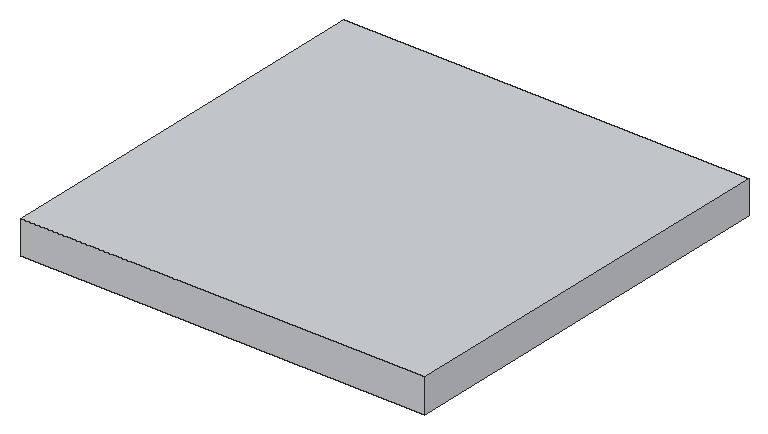
Revit family "DMElétrico_Circuito_Alarme_de_Incendio", category Dispositivos de alarme de incêndio, Revit 2025
Family settings
  Cota do conector redondo = Utilizar diâmetro
  Tipo de parte = Normal
  Com base no plano de trabalho = Não
  Sempre na vertical = Sim
  Corte com vazios quando carregada = Não
  Manter orientação da anotação = Não
  Compartilhado = Não
  Ponto de cálculo do ambiente = Não
Parameters
  Elevação padrão = 0 mm
Reference planes
  plane 1 "Center (Front/Back)": y = 0
  plane 2: z = 0
  plane 3 "Center (Left/Right)": x = 0
Forms (mm)
  Extrusion 1, solid
    sketch origin (0, 0, 0) x (1, 0, 0) y (0, 1, 0)
      loop
        line (-15, 15) -> (-15, -15) -> (15, -15) -> (15, 15) -> (-15, 15)
    from 0 to -2.5
Lines and regions (mm)
  model lines
    curve 1: circle (0, 0, 0) r 15 normal (0, 0, 1)
    curve 2: circle (0, 0, 0) r 15 normal (0, -1, 0)
    curve 3: circle (0, 0, 0) r 15 normal (1, 0, 0)
Dimensions and locks
  aligned and locked: level to plane 2
Connectors
  cabletrayconduit at (0, 0, 0), diameter 32
    settings: on Extrusion 1, index 1, connector width 300 mm, connector height 300 mm, connector angle 0.00°, system type 32, placement type 0, profile type 0, connector reference index -1, is primary connector yes, connector utility param no, connector description ""
  cabletrayconduit at (0, 0, -2.5), diameter 32
    settings: on Extrusion 1, index 2, connector width 300 mm, connector height 300 mm, connector angle 0.00°, system type 32, placement type 0, profile type 0, connector reference index -1, is primary connector no, connector utility param no, connector description ""
  electrical at (0, 0, 0)
    settings: on Extrusion 1, index 3, voltage 0 V, apparent load 0 VA, apparent load phase1 0 VA, apparent load phase2 0 VA, apparent load phase3 0 VA, power factor 1, load classification "Outro", number of poles 1, system type 11, power factor state 1, is connector primary yes, connector utility no, sub classification motor no, connector description ""
